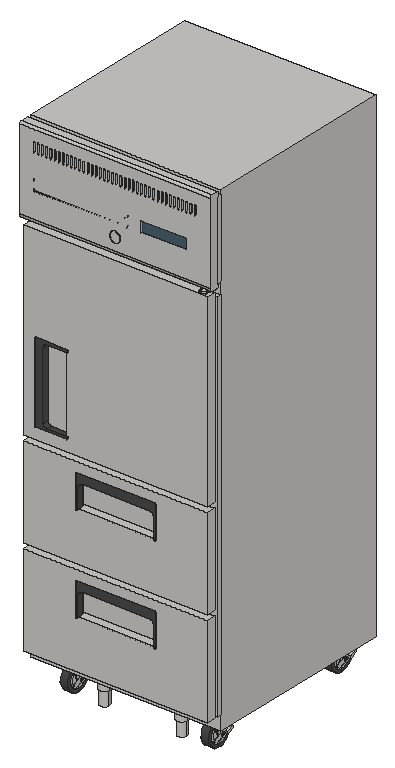
Revit family "QF_EVEREST_ESR1D2", category Specialty Equipment, Revit 2015
Parameters (values of type "ESR1D2")
  Weight in Pounds = 340
  Watts = if(Phase = 3, Volts * FL Amps * 1.73, Volts * FL Amps)  # 425.5 W
  Volts = 115 V
  URL Cutsheet = ""
  Specification by User = ""
  Specification by Manufacturer = ""
  Show Clearance [instance] = yes
  Serial Number = ""
  Seismic Rating = ""
  SMACNA No = ""
  Revision Code = ""
  Refrigerant Volume = 0.00 kip
  Refrigerant Type = "R290"
  Phase = 1
  Number of Poles = 1
  NAFEM Spec ID Number = ""
  Model = "ESR1D2"
  Min Ckt Ampacity = 0 A
  Max Overcurrent Protection = 0 A
  Masterspec = ""
  Manufacturer = "EVEREST"
  Length = 740 mm
  Item Number = ""
  Installed By = ""
  Identify Quantity as Lot = yes
  Height = 2010 mm
  HP = "1/4+"
  Furnished By = ""
  Foodservice Equipment Identifier = yes
  FL Amps = 3.7 A
  Electrical Remarks = ""
  Electric Connection Type = ""
  Elec Conn RI Height = 0 mm
  Elec Conn Connection Height = 0 mm
  Description = "DOOR & DRAWER COMBO UPRIGHT REACH–IN REFRIGERATOR"
  Depth = 803 mm
  Cycle = 60 Hz
  Conn Plug = "NEMA 5-15P"
  Conn Conduit = yes
  CSI MasterFormat = ""
  BTUH = 1926.0 Btu/h
  Apparent Power = 0 VA
Reference planes
  plane 1 "BACK": y = 0
  plane 2: z = 0
  plane 3 "LEFT": x = 0
  plane 4 "RIGHT": x = 740
  plane 5 "FRONT": y = -803
  plane 6 "TOP": z = 2010
  plane 7 "Center Y": x = 370
  plane 8 "Center X": y = -401.5
  plane 9: y = -1491
  plane 10: z = 125
  plane 11: y = -750
Forms (mm)
  Extrusion 1, solid, material "QF_Metal - Stainless - Polished"
    sketch origin (0, 0, 0) x (0, 1, 0) y (0, 0, 1)
      loop
        line (0, 2010) -> (-750, 2010) -> (-750, 125) -> (0, 125) -> (0, 2010)
    from 0 to 740
  Extrusion 2, solid, material "QF_Metal - Stainless - Polished"
    sketch origin (0, 0, 0) x (0, 1, 0) y (0, 0, 1)
      loop
        line (-765, 2010) -> (-794.973, 2010)
        arc (-794.973, 2010) -> (-800.649, 2007.649) -> (-803, 2001.973) r 8.027
        line (-803, 2001.973) -> (-803, 1687.87)
        arc (-803, 1687.87) -> (-799.172, 1678.628) -> (-789.93, 1674.8) r 13.07
        line (-789.93, 1674.8) -> (-765, 1674.8) -> (-765, 2010)
    from 0 to 740
  Extrusion 3, solid, material "QF_Metal - Stainless - Polished"
    sketch origin (0, 0, 0) x (0, 1, 0) y (0, 0, 1)
      loop
        line (-765, 1688.8) -> (-758.141, 1688.8)
        arc (-758.141, 1688.8) -> (-757.087, 1689.01) -> (-756.193, 1689.607) r 2.754
        line (-756.193, 1689.607) -> (-750.858, 1694.942)
        arc (-750.858, 1694.942) -> (-750.223, 1695.892) -> (-750, 1697.014) r 2.93
        line (-750, 1697.014) -> (-750, 1990.992)
        arc (-750, 1990.992) -> (-750.222, 1992.108) -> (-750.854, 1993.054) r 2.916
        line (-750.854, 1993.054) -> (-755.935, 1998.135)
        arc (-755.935, 1998.135) -> (-757.115, 1998.923) -> (-758.506, 1999.2) r 3.637
        line (-758.506, 1999.2) -> (-765, 1999.2) -> (-765, 1688.8)
    from 0 to 740
  Extrusion 4, solid, material "QF_Metal - Stainless - Polished"
    sketch origin (0, 0, 0) x (1, 0, 0) y (0, 0, 1)
      loop
        line (13, 172.5) -> (727, 172.5) -> (727, 527.5) -> (13, 527.5) -> (13, 172.5)
      loop
        line (13, 1654) -> (13, 924) -> (727, 924) -> (727, 1654) -> (13, 1654)
      loop
        arc (60.313, 1279) -> (56.778, 1277.536) -> (55.313, 1274) r 5
        line (55.313, 1274) -> (55.313, 971)
        arc (55.313, 971) -> (56.778, 967.464) -> (60.313, 966) r 5
        line (60.313, 966) -> (179.313, 966)
        arc (179.313, 966) -> (182.849, 967.464) -> (184.313, 971) r 5
        line (184.313, 971) -> (184.313, 976) -> (179.313, 976) -> (179.313, 1269) -> (184.313, 1269) -> (184.313, 1274)
        arc (184.313, 1274) -> (182.849, 1277.536) -> (179.313, 1279) r 5
        line (179.313, 1279) -> (60.313, 1279)
      loop
        line (13, 903.25) -> (13, 548.25) -> (727, 548.25) -> (727, 903.25) -> (13, 903.25)
      loop
        arc (526.5, 858.25) -> (525.036, 861.786) -> (521.5, 863.25) r 5
        line (521.5, 863.25) -> (218.5, 863.25)
        arc (218.5, 863.25) -> (214.964, 861.786) -> (213.5, 858.25) r 5
        line (213.5, 858.25) -> (213.5, 739.25)
        arc (213.5, 739.25) -> (214.964, 735.714) -> (218.5, 734.25) r 5
        line (218.5, 734.25) -> (223.5, 734.25) -> (223.5, 739.25) -> (516.5, 739.25) -> (516.5, 734.25) -> (521.5, 734.25)
        arc (521.5, 734.25) -> (525.036, 735.714) -> (526.5, 739.25) r 5
        line (526.5, 739.25) -> (526.5, 858.25)
      loop
        arc (526.5, 482.5) -> (525.036, 486.036) -> (521.5, 487.5) r 5
        line (521.5, 487.5) -> (218.5, 487.5)
        arc (218.5, 487.5) -> (214.964, 486.036) -> (213.5, 482.5) r 5
        line (213.5, 482.5) -> (213.5, 363.5)
        arc (213.5, 363.5) -> (214.964, 359.964) -> (218.5, 358.5) r 5
        line (218.5, 358.5) -> (223.5, 358.5) -> (223.5, 363.5) -> (516.5, 363.5) -> (516.5, 358.5) -> (521.5, 358.5)
        arc (521.5, 358.5) -> (525.036, 359.964) -> (526.5, 363.5) r 5
        line (526.5, 363.5) -> (526.5, 482.5)
    from 765 to 800
  Extrusion 5, solid, material "QF_Metal - Stainless - Polished"
    sketch origin (0, 0, 0) x (0, 1, 0) y (0, 0, 1)
      loop
        line (-750, 1644) -> (-765, 1644) -> (-765, 182.5) -> (-750, 182.5) -> (-750, 1644)
    from 0 to 740
  Extrusion 6, solid, material "QF_Plastic - Black - Smooth"
    sketch origin (0, 0, 0) x (1, 0, 0) y (0, 0, 1)
      loop
        arc (60.313, 1279) -> (56.778, 1277.536) -> (55.313, 1274) r 5
        line (55.313, 1274) -> (55.313, 971)
        arc (55.313, 971) -> (56.778, 967.464) -> (60.313, 966) r 5
        line (60.313, 966) -> (179.313, 966)
        arc (179.313, 966) -> (182.849, 967.464) -> (184.313, 971) r 5
        line (184.313, 971) -> (184.313, 976) -> (103.313, 976)
        arc (103.313, 976) -> (92.707, 980.393) -> (88.313, 991) r 15
        line (88.313, 991) -> (88.313, 1254)
        arc (88.313, 1254) -> (92.707, 1264.607) -> (103.313, 1269) r 15
        line (103.313, 1269) -> (184.313, 1269) -> (184.313, 1274)
        arc (184.313, 1274) -> (182.849, 1277.536) -> (179.313, 1279) r 5
        line (179.313, 1279) -> (60.313, 1279)
      loop
        arc (526.5, 858.25) -> (525.036, 861.786) -> (521.5, 863.25) r 5
        line (521.5, 863.25) -> (218.5, 863.25)
        arc (218.5, 863.25) -> (214.964, 861.786) -> (213.5, 858.25) r 5
        line (213.5, 858.25) -> (213.5, 739.25)
        arc (213.5, 739.25) -> (214.964, 735.714) -> (218.5, 734.25) r 5
        line (218.5, 734.25) -> (223.5, 734.25) -> (223.5, 815.25)
        arc (223.5, 815.25) -> (227.893, 825.857) -> (238.5, 830.25) r 15
        line (238.5, 830.25) -> (501.5, 830.25)
        arc (501.5, 830.25) -> (512.107, 825.857) -> (516.5, 815.25) r 15
        line (516.5, 815.25) -> (516.5, 734.25) -> (521.5, 734.25)
        arc (521.5, 734.25) -> (525.036, 735.714) -> (526.5, 739.25) r 5
        line (526.5, 739.25) -> (526.5, 858.25)
      loop
        arc (526.5, 482.5) -> (525.036, 486.036) -> (521.5, 487.5) r 5
        line (521.5, 487.5) -> (218.5, 487.5)
        arc (218.5, 487.5) -> (214.964, 486.036) -> (213.5, 482.5) r 5
        line (213.5, 482.5) -> (213.5, 363.5)
        arc (213.5, 363.5) -> (214.964, 359.964) -> (218.5, 358.5) r 5
        line (218.5, 358.5) -> (223.5, 358.5) -> (223.5, 439.5)
        arc (223.5, 439.5) -> (227.893, 450.107) -> (238.5, 454.5) r 15
        line (238.5, 454.5) -> (501.5, 454.5)
        arc (501.5, 454.5) -> (512.107, 450.107) -> (516.5, 439.5) r 15
        line (516.5, 439.5) -> (516.5, 358.5) -> (521.5, 358.5)
        arc (521.5, 358.5) -> (525.036, 359.964) -> (526.5, 363.5) r 5
        line (526.5, 363.5) -> (526.5, 482.5)
    from 780 to 800
  Extrusion 7, void
    sketch origin (0, -803, 2030) x (0, 0, -1) y (1, 0, 0)
      loop
        line (105, 61.992) -> (73, 61.992)
        arc (73, 61.992) -> (69, 57.992) -> (73, 53.992) r 4
        line (73, 53.992) -> (105, 53.992)
        arc (105, 53.992) -> (109, 57.992) -> (105, 61.992) r 4
      loop
        line (73, 69.992) -> (105, 69.992)
        arc (105, 69.992) -> (109, 73.992) -> (105, 77.992) r 4
        line (105, 77.992) -> (73, 77.992)
        arc (73, 77.992) -> (69, 73.992) -> (73, 69.992) r 4
      loop
        line (73, 85.992) -> (105, 85.992)
        arc (105, 85.992) -> (109, 89.992) -> (105, 93.992) r 4
        line (105, 93.992) -> (73, 93.992)
        arc (73, 93.992) -> (69, 89.992) -> (73, 85.992) r 4
      loop
        line (73, 101.992) -> (105, 101.992)
        arc (105, 101.992) -> (109, 105.992) -> (105, 109.992) r 4
        line (105, 109.992) -> (73, 109.992)
        arc (73, 109.992) -> (69, 105.992) -> (73, 101.992) r 4
      loop
        line (73, 117.992) -> (105, 117.992)
        arc (105, 117.992) -> (109, 121.992) -> (105, 125.992) r 4
        line (105, 125.992) -> (73, 125.992)
        arc (73, 125.992) -> (69, 121.992) -> (73, 117.992) r 4
      loop
        line (73, 133.992) -> (105, 133.992)
        arc (105, 133.992) -> (109, 137.992) -> (105, 141.992) r 4
        line (105, 141.992) -> (73, 141.992)
        arc (73, 141.992) -> (69, 137.992) -> (73, 133.992) r 4
      loop
        line (73, 149.992) -> (105, 149.992)
        arc (105, 149.992) -> (109, 153.992) -> (105, 157.992) r 4
        line (105, 157.992) -> (73, 157.992)
        arc (73, 157.992) -> (69, 153.992) -> (73, 149.992) r 4
      loop
        line (73, 165.992) -> (105, 165.992)
        arc (105, 165.992) -> (109, 169.992) -> (105, 173.992) r 4
        line (105, 173.992) -> (73, 173.992)
        arc (73, 173.992) -> (69, 169.992) -> (73, 165.992) r 4
      loop
        line (73, 181.992) -> (105, 181.992)
        arc (105, 181.992) -> (109, 185.992) -> (105, 189.992) r 4
        line (105, 189.992) -> (73, 189.992)
        arc (73, 189.992) -> (69, 185.992) -> (73, 181.992) r 4
      loop
        line (73, 197.992) -> (105, 197.992)
        arc (105, 197.992) -> (109, 201.992) -> (105, 205.992) r 4
        line (105, 205.992) -> (73, 205.992)
        arc (73, 205.992) -> (69, 201.992) -> (73, 197.992) r 4
      loop
        line (73, 213.992) -> (105, 213.992)
        arc (105, 213.992) -> (109, 217.992) -> (105, 221.992) r 4
        line (105, 221.992) -> (73, 221.992)
        arc (73, 221.992) -> (69, 217.992) -> (73, 213.992) r 4
      loop
        line (73, 229.992) -> (105, 229.992)
        arc (105, 229.992) -> (109, 233.992) -> (105, 237.992) r 4
        line (105, 237.992) -> (73, 237.992)
        arc (73, 237.992) -> (69, 233.992) -> (73, 229.992) r 4
      loop
        line (73, 245.992) -> (105, 245.992)
        arc (105, 245.992) -> (109, 249.992) -> (105, 253.992) r 4
        line (105, 253.992) -> (73, 253.992)
        arc (73, 253.992) -> (69, 249.992) -> (73, 245.992) r 4
      loop
        line (73, 261.992) -> (105, 261.992)
        arc (105, 261.992) -> (109, 265.992) -> (105, 269.992) r 4
        line (105, 269.992) -> (73, 269.992)
        arc (73, 269.992) -> (69, 265.992) -> (73, 261.992) r 4
      loop
        line (73, 277.992) -> (105, 277.992)
        arc (105, 277.992) -> (109, 281.992) -> (105, 285.992) r 4
        line (105, 285.992) -> (73, 285.992)
        arc (73, 285.992) -> (69, 281.992) -> (73, 277.992) r 4
      loop
        line (73, 293.992) -> (105, 293.992)
        arc (105, 293.992) -> (109, 297.992) -> (105, 301.992) r 4
        line (105, 301.992) -> (73, 301.992)
        arc (73, 301.992) -> (69, 297.992) -> (73, 293.992) r 4
      loop
        line (73, 309.992) -> (105, 309.992)
        arc (105, 309.992) -> (109, 313.992) -> (105, 317.992) r 4
        line (105, 317.992) -> (73, 317.992)
        arc (73, 317.992) -> (69, 313.992) -> (73, 309.992) r 4
      loop
        line (73, 325.992) -> (105, 325.992)
        arc (105, 325.992) -> (109, 329.992) -> (105, 333.992) r 4
        line (105, 333.992) -> (73, 333.992)
        arc (73, 333.992) -> (69, 329.992) -> (73, 325.992) r 4
      loop
        line (73, 341.992) -> (105, 341.992)
        arc (105, 341.992) -> (109, 345.992) -> (105, 349.992) r 4
        line (105, 349.992) -> (73, 349.992)
        arc (73, 349.992) -> (69, 345.992) -> (73, 341.992) r 4
      loop
        line (73, 357.992) -> (105, 357.992)
        arc (105, 357.992) -> (109, 361.992) -> (105, 365.992) r 4
        line (105, 365.992) -> (73, 365.992)
        arc (73, 365.992) -> (69, 361.992) -> (73, 357.992) r 4
      loop
        arc (105, 678.008) -> (109, 682.008) -> (105, 686.008) r 4
        line (105, 686.008) -> (73, 686.008)
        arc (73, 686.008) -> (69, 682.008) -> (73, 678.008) r 4
        line (73, 678.008) -> (105, 678.008)
      loop
        arc (73, 670.008) -> (69, 666.008) -> (73, 662.008) r 4
        line (73, 662.008) -> (105, 662.008)
        arc (105, 662.008) -> (109, 666.008) -> (105, 670.008) r 4
        line (105, 670.008) -> (73, 670.008)
      loop
        arc (73, 654.008) -> (69, 650.008) -> (73, 646.008) r 4
        line (73, 646.008) -> (105, 646.008)
        arc (105, 646.008) -> (109, 650.008) -> (105, 654.008) r 4
        line (105, 654.008) -> (73, 654.008)
      loop
        arc (73, 638.008) -> (69, 634.008) -> (73, 630.008) r 4
        line (73, 630.008) -> (105, 630.008)
        arc (105, 630.008) -> (109, 634.008) -> (105, 638.008) r 4
        line (105, 638.008) -> (73, 638.008)
      loop
        arc (73, 622.008) -> (69, 618.008) -> (73, 614.008) r 4
        line (73, 614.008) -> (105, 614.008)
        arc (105, 614.008) -> (109, 618.008) -> (105, 622.008) r 4
        line (105, 622.008) -> (73, 622.008)
      loop
        arc (73, 606.008) -> (69, 602.008) -> (73, 598.008) r 4
        line (73, 598.008) -> (105, 598.008)
        arc (105, 598.008) -> (109, 602.008) -> (105, 606.008) r 4
        line (105, 606.008) -> (73, 606.008)
      loop
        arc (73, 590.008) -> (69, 586.008) -> (73, 582.008) r 4
        line (73, 582.008) -> (105, 582.008)
        arc (105, 582.008) -> (109, 586.008) -> (105, 590.008) r 4
        line (105, 590.008) -> (73, 590.008)
      loop
        arc (73, 574.008) -> (69, 570.008) -> (73, 566.008) r 4
        line (73, 566.008) -> (105, 566.008)
        arc (105, 566.008) -> (109, 570.008) -> (105, 574.008) r 4
        line (105, 574.008) -> (73, 574.008)
      loop
        arc (73, 558.008) -> (69, 554.008) -> (73, 550.008) r 4
        line (73, 550.008) -> (105, 550.008)
        arc (105, 550.008) -> (109, 554.008) -> (105, 558.008) r 4
        line (105, 558.008) -> (73, 558.008)
      loop
        arc (73, 542.008) -> (69, 538.008) -> (73, 534.008) r 4
        line (73, 534.008) -> (105, 534.008)
        arc (105, 534.008) -> (109, 538.008) -> (105, 542.008) r 4
        line (105, 542.008) -> (73, 542.008)
      loop
        arc (73, 526.008) -> (69, 522.008) -> (73, 518.008) r 4
        line (73, 518.008) -> (105, 518.008)
        arc (105, 518.008) -> (109, 522.008) -> (105, 526.008) r 4
        line (105, 526.008) -> (73, 526.008)
      loop
        arc (73, 510.008) -> (69, 506.008) -> (73, 502.008) r 4
        line (73, 502.008) -> (105, 502.008)
        arc (105, 502.008) -> (109, 506.008) -> (105, 510.008) r 4
        line (105, 510.008) -> (73, 510.008)
      loop
        arc (73, 494.008) -> (69, 490.008) -> (73, 486.008) r 4
        line (73, 486.008) -> (105, 486.008)
        arc (105, 486.008) -> (109, 490.008) -> (105, 494.008) r 4
        line (105, 494.008) -> (73, 494.008)
      loop
        arc (73, 478.008) -> (69, 474.008) -> (73, 470.008) r 4
        line (73, 470.008) -> (105, 470.008)
        arc (105, 470.008) -> (109, 474.008) -> (105, 478.008) r 4
        line (105, 478.008) -> (73, 478.008)
      loop
        arc (73, 462.008) -> (69, 458.008) -> (73, 454.008) r 4
        line (73, 454.008) -> (105, 454.008)
        arc (105, 454.008) -> (109, 458.008) -> (105, 462.008) r 4
        line (105, 462.008) -> (73, 462.008)
      loop
        arc (73, 446.008) -> (69, 442.008) -> (73, 438.008) r 4
        line (73, 438.008) -> (105, 438.008)
        arc (105, 438.008) -> (109, 442.008) -> (105, 446.008) r 4
        line (105, 446.008) -> (73, 446.008)
      loop
        arc (73, 430.008) -> (69, 426.008) -> (73, 422.008) r 4
        line (73, 422.008) -> (105, 422.008)
        arc (105, 422.008) -> (109, 426.008) -> (105, 430.008) r 4
        line (105, 430.008) -> (73, 430.008)
      loop
        arc (73, 414.008) -> (69, 410.008) -> (73, 406.008) r 4
        line (73, 406.008) -> (105, 406.008)
        arc (105, 406.008) -> (109, 410.008) -> (105, 414.008) r 4
        line (105, 414.008) -> (73, 414.008)
      loop
        arc (73, 398.008) -> (69, 394.008) -> (73, 390.008) r 4
        line (73, 390.008) -> (105, 390.008)
        arc (105, 390.008) -> (109, 394.008) -> (105, 398.008) r 4
        line (105, 398.008) -> (73, 398.008)
      loop
        arc (73, 382.008) -> (69, 378.008) -> (73, 374.008) r 4
        line (73, 374.008) -> (105, 374.008)
        arc (105, 374.008) -> (109, 378.008) -> (105, 382.008) r 4
        line (105, 382.008) -> (73, 382.008)
      loop
        line (200.062, 53.992) -> (204.496, 53.992)
        arc (204.496, 53.992) -> (208.032, 55.456) -> (209.496, 58.992) r 5
        line (209.496, 58.992) -> (209.496, 413.992)
        arc (209.496, 413.992) -> (208.032, 417.528) -> (204.496, 418.992) r 5
        line (204.496, 418.992) -> (200.062, 418.992)
        arc (200.062, 418.992) -> (203.599, 417.523) -> (205.063, 413.988) r 5
        line (205.063, 413.988) -> (205.063, 58.996)
        arc (205.063, 58.996) -> (203.598, 55.46) -> (200.062, 53.992) r 5
      loop
        line (233.068, 53.992) -> (237.502, 53.992)
        arc (237.502, 53.992) -> (241.038, 55.456) -> (242.502, 58.992) r 5
        line (242.502, 58.992) -> (242.502, 413.992)
        arc (242.502, 413.992) -> (241.038, 417.528) -> (237.502, 418.992) r 5
        line (237.502, 418.992) -> (233.068, 418.992)
        arc (233.068, 418.992) -> (236.604, 417.523) -> (238.068, 413.988) r 5
        line (238.068, 413.988) -> (238.068, 58.996)
        arc (238.068, 58.996) -> (236.604, 55.46) -> (233.068, 53.992) r 5
      loop
        arc (238.504, 469.75) -> (239.916, 470.335) -> (240.501, 471.747) r 1.997
        line (240.501, 471.747) -> (240.501, 647.256)
        arc (240.501, 647.256) -> (239.917, 648.666) -> (238.507, 649.25) r 1.994
        line (238.507, 649.25) -> (200.5, 649.25)
        arc (200.5, 649.25) -> (199.086, 648.665) -> (198.501, 647.25) r 1.997
        line (198.501, 647.25) -> (198.501, 471.75)
        arc (198.501, 471.75) -> (199.086, 470.335) -> (200.5, 469.75) r 1.997
        line (200.5, 469.75) -> (238.504, 469.75)
    from 0 to -3
  Extrusion 8, solid, material "QF_Metal - Stainless - Polished"
    sketch origin (2.005, 0, 172.5) x (0, -1, 0) y (-1, 0, 0)
      loop
        circle (784, -697) r 10
    from 0 to 5
  Extrusion 9, solid, material "QF_Metal - Stainless - Polished"
    sketch origin (2.005, 0, 172.5) x (0, -1, 0) y (-1, 0, 0)
      loop
        arc (789.13, -711.095) -> (798.772, -694.395) -> (784, -682) r 15
        line (784, -682) -> (750, -676.005) -> (750, -717.995) -> (789.13, -711.095)
      loop
        circle (784, -697) r 10
    from 0 to 2.5
  Extrusion 10, solid, material "QF_Metal - Stainless - Polished"
    sketch origin (-10.995, 0, 1654) x (1, 0, 0) y (0, 1, 0)
      loop
        circle (710, -784) r 10
    from 0 to 5
  Extrusion 11, solid, material "QF_Metal - Stainless - Polished"
    sketch origin (-10.995, 0, 1654) x (1, 0, 0) y (0, 1, 0)
      loop
        line (724.095, -789.13) -> (730.995, -750) -> (689.005, -750) -> (695, -784)
        arc (695, -784) -> (707.395, -798.772) -> (724.095, -789.13) r 15
      loop
        circle (710, -784) r 10
    from 0 to 2.5
  Revolve 12, solid, material "QF_Metal - Stainless - Polished"
    sketch origin (0, -665, 0) x (1, 0, 0) y (0, 0, 1)
      loop
        line (218.953, 0) -> (218.953, 125) -> (183.953, 125) -> (183.953, 115) -> (188.953, 115) -> (188.953, 104.5) -> (197.953, 90.5) -> (197.953, 55.5) -> (201.703, 55.5) -> (201.703, 0) -> (218.953, 0)
      axis (218.953, 0) -> (218.953, 125)
    angle from 0 to 360
  Revolve 13, solid, material "QF_Metal - Stainless - Polished"
    sketch origin (301.095, -665, 0) x (1, 0, 0) y (0, 0, 1)
      loop
        line (218.953, 0) -> (218.953, 125) -> (183.953, 125) -> (183.953, 115) -> (188.953, 115) -> (188.953, 104.5) -> (197.953, 90.5) -> (197.953, 55.5) -> (201.703, 55.5) -> (201.703, 0) -> (218.953, 0)
      axis (218.953, 0) -> (218.953, 125)
    angle from 0 to 360
  Extrusion 14, solid, material "QF_Door-Drawer Clearances", visible <- "Show Clearance", detail levels coarse
    sketch origin (0, 0, 0) x (1, 0, 0) y (0, 1, 0)
      loop
        line (727, -800) -> (13, -800)
        arc (13, -800) -> (226.368, -1293.913) -> (727, -1491) r 700.792
        line (727, -1491) -> (727, -800)
    from 924 to 1654
  Extrusion 15, solid, material "QF_Metal - Stainless - Polished"
    sketch origin (0, 0, 1980) x (0, 0, 1) y (1, 0, 0)
      loop
        circle (-241.795, 370) r 6.35
    from 0 to 6.4
  Extrusion 16, void
    sketch origin (0, -803, 2030) x (0, 0, -1) y (1, 0, 0)
      loop
        circle (291.795, 370) r 20
    from 0 to -5
  Extrusion 17, solid, material "Glass"
    sketch origin (0, -798, 2030) x (0, 0, -1) y (1, 0, 0)
      loop
        line (200.5, 469.75) -> (238.504, 469.75)
        arc (238.504, 469.75) -> (239.916, 470.335) -> (240.501, 471.747) r 1.997
        line (240.501, 471.747) -> (240.501, 647.256)
        arc (240.501, 647.256) -> (239.917, 648.666) -> (238.507, 649.25) r 1.994
        line (238.507, 649.25) -> (200.5, 649.25)
        arc (200.5, 649.25) -> (199.086, 648.665) -> (198.501, 647.25) r 1.997
        line (198.501, 647.25) -> (198.501, 471.75)
        arc (198.501, 471.75) -> (199.086, 470.335) -> (200.5, 469.75) r 1.997
    from 0 to 5
  Extrusion 18, solid, material "QF_Metal - Stainless - Polished"
    sketch origin (0, -800, 2030) x (0, 0, -1) y (1, 0, 0)
      loop
        circle (291.795, 370) r 20
    from 0 to 3
  Extrusion 19, solid, material "QF_Door-Drawer Clearances", visible <- "Show Clearance", detail levels coarse
    sketch origin (0, -800, 0) x (1, 0, 0) y (0, 0, 1)
      loop
        line (727, 548.25) -> (727, 903.25) -> (13, 903.25) -> (13, 548.25) -> (727, 548.25)
      loop
        line (727, 172.5) -> (727, 527.5) -> (13, 527.5) -> (13, 172.5) -> (727, 172.5)
    from 0 to 710
Cuts and joins
  Extrusion 7, Extrusion 16 cuts Extrusion 2
Lines and regions (mm)
  symbolic lines
    curve 1: line (0, 0, 0) -> (740, 0, 0)
    curve 2: line (0, -803, 0) -> (0, 0, 0)
    curve 3: line (740, -803, 0) -> (0, -803, 0)
    curve 4: line (740, 0, 0) -> (740, -803, 0)
    curve 5: line (0, -765, 0) -> (740, -765, 0)
    curve 6: line (0, -750, 0) -> (740, -750, 0)
  symbolic lines, style "QF_Door-Drawer Clearances"
    curve 7: arc (13, -800, 0) -> (40.11, -983.601, 0) -> (114.465, -1153.647, 0) r 700.792
    curve 8: line (114.465, -1153.647, 0) -> (727, -800, 0)
    curve 9: line (727, -1491, 0) -> (727, -800, 0)
    curve 10: line (13, -1510, 0) -> (727, -1510, 0)
    curve 11: line (13, -800, 0) -> (13, -1510, 0)
Dimensions and locks
  equal spacing: plane 3 "LEFT", plane 7 "Center Y", plane 4 "RIGHT"
  "Length": plane 3 "LEFT" to plane 4 "RIGHT"
  equal spacing: plane 5 "FRONT", plane 8 "Center X", plane 1 "BACK"
  "Depth": plane 5 "FRONT" to plane 1 "BACK"
  "Height": plane 6 "TOP" to level
  plane 9 to plane 1 "BACK" = 1491 mm
  plane 6 "TOP" to plane 2 = 2010 mm
  plane 10 to plane 2 = 125 mm
  plane 6 "TOP" to plane 10 = 1885 mm
  plane 5 "FRONT" to plane 1 "BACK" = 803 mm
  plane 11 to plane 1 "BACK" = 750 mm
  Extrusion 4 sketch curve to Extrusion 4 sketch curve = 714 mm
  aligned and locked: plane 2 to level
Automatic sketch dimensions
  Extrusion 1 sketch curve to plane 6 "TOP" = 0 mm
  Extrusion 1 sketch curve to plane 11 = 0 mm
  Extrusion 1 sketch curve to plane 1 "BACK" = 0 mm
  Extrusion 1 sketch curve to plane 10 = 0 mm
  Extrusion 2 sketch curve to plane 5 "FRONT" = 0 mm
  Extrusion 2 sketch curve to plane 6 "TOP" = 0 mm
  Extrusion 2 sketch curve to Extrusion 2 sketch curve = 8.027 mm
  Extrusion 2 sketch curve to Extrusion 2 sketch curve = 13.07 mm
  Extrusion 2 sketch curve to plane 11 = 15 mm
  Extrusion 2 sketch curve to Extrusion 2 sketch curve = 314.103 mm
  Extrusion 3 sketch curve to plane 11 = 0 mm
  Extrusion 3 sketch curve to plane 11 = 0.854 mm
  Extrusion 3 sketch curve to plane 11 = 0.858 mm
  Extrusion 3 sketch curve to plane 11 = 2.916 mm
  Extrusion 3 sketch curve to plane 11 = 2.93 mm
  Extrusion 3 sketch curve to plane 11 = 5.935 mm
  Extrusion 3 sketch curve to plane 11 = 6.193 mm
  Extrusion 3 sketch curve to Extrusion 3 sketch curve = 1.947 mm
  Extrusion 3 sketch curve to Extrusion 3 sketch curve = 2.572 mm  (x2)
  Extrusion 3 sketch curve to Extrusion 3 sketch curve = 6.859 mm
  Extrusion 3 sketch curve to plane 6 "TOP" = 321.2 mm
  Extrusion 3 sketch curve to Extrusion 3 sketch curve = 0.807 mm
  Extrusion 3 sketch curve to Extrusion 3 sketch curve = 5.335 mm
  Extrusion 3 sketch curve to plane 6 "TOP" = 19.008 mm
  Extrusion 3 sketch curve to Extrusion 3 sketch curve = 4.571 mm
  Extrusion 5 sketch curve to plane 11 = 0 mm
  Extrusion 5 sketch curve to plane 11 = 15 mm
  plane 10 to Extrusion 5 sketch curve = 57.5 mm
  Extrusion 5 sketch curve to plane 6 "TOP" = 366 mm
  Extrusion 8 sketch curve to Extrusion 4 = 16 mm
  Extrusion 8 sketch curve to Extrusion 4 = 27.995 mm
  Extrusion 9 sketch curve to Extrusion 9 sketch curve = 0 mm  (x2)
  Extrusion 9 sketch curve to Extrusion 4 = 7 mm
  Extrusion 4 to Extrusion 9 sketch curve = 15 mm
  Extrusion 9 sketch curve to Extrusion 4 = 16 mm
  Extrusion 9 sketch curve to Extrusion 4 = 10.87 mm
  Extrusion 9 sketch curve to Extrusion 4 = 13.9 mm
  Extrusion 9 sketch curve to Extrusion 9 sketch curve = 14.095 mm
  Extrusion 9 sketch curve to Extrusion 9 sketch curve = 5.995 mm
  Extrusion 10 sketch curve to plane 5 "FRONT" = 19 mm
  plane 4 "RIGHT" to Extrusion 10 sketch curve = 40.995 mm
  Extrusion 11 sketch curve to Extrusion 11 sketch curve = 0 mm  (x2)
  Extrusion 11 sketch curve to plane 11 = 0 mm
  plane 4 "RIGHT" to Extrusion 11 sketch curve = 61.99 mm
  Extrusion 11 sketch curve to plane 5 "FRONT" = 19 mm
  Extrusion 11 sketch curve to Extrusion 11 sketch curve = 5.995 mm
  Extrusion 11 sketch curve to Extrusion 11 sketch curve = 15 mm
  Extrusion 11 sketch curve to plane 5 "FRONT" = 13.87 mm
  plane 4 "RIGHT" to Extrusion 11 sketch curve = 20 mm
  Revolve 12 sketch curve to plane 10 = 0 mm  (x2)
  Revolve 12 sketch curve to level = 0 mm
  plane 3 "LEFT" to Revolve 12 sketch curve = 183.953 mm
  Revolve 12 sketch curve to Revolve 12 sketch curve = 5 mm
  Revolve 12 sketch curve to Revolve 12 sketch curve = 9 mm
  Revolve 12 sketch curve to Revolve 12 sketch curve = 3.75 mm
  Revolve 12 sketch curve to Revolve 12 sketch curve = 30 mm
  level to Revolve 12 sketch curve = 55.5 mm
  Revolve 12 sketch curve to plane 10 = 34.5 mm
  Revolve 12 sketch curve to Revolve 12 sketch curve = 14 mm
  Revolve 12 sketch curve to plane 10 = 10 mm
  Revolve 12 sketch curve to Revolve 12 sketch curve = 0 mm
  Revolve 12 sketch curve to Revolve 12 sketch curve = 20 mm
  Revolve 13 sketch curve to plane 10 = 0 mm  (x2)
  Revolve 13 sketch curve to level = 0 mm
  plane 7 "Center Y" to Revolve 13 sketch curve = 115.047 mm
  Revolve 13 sketch curve to Revolve 13 sketch curve = 5 mm
  Revolve 13 sketch curve to Revolve 13 sketch curve = 9 mm
  Revolve 13 sketch curve to Revolve 13 sketch curve = 3.75 mm
  Revolve 13 sketch curve to Revolve 13 sketch curve = 30 mm
  level to Revolve 13 sketch curve = 55.5 mm
  Revolve 13 sketch curve to plane 10 = 34.5 mm
  Revolve 13 sketch curve to Revolve 13 sketch curve = 14 mm
  Revolve 13 sketch curve to plane 10 = 10 mm
  Revolve 13 sketch curve to Revolve 13 sketch curve = 0 mm
  Revolve 13 sketch curve to Revolve 13 sketch curve = 20 mm
  Extrusion 14 sketch curve to plane 9 = 0 mm
  Extrusion 14 sketch curve to plane 5 "FRONT" = 3 mm
  plane 3 "LEFT" to Extrusion 14 sketch curve = 13 mm
  Extrusion 14 sketch curve to plane 5 "FRONT" = 12.667 mm
  Extrusion 14 sketch curve to Extrusion 14 sketch curve = 700.726 mm
  plane 1 "BACK" to curve 1 = 0 mm
  curve 1 to plane 3 "LEFT" = 0 mm
  curve 4 to plane 4 "RIGHT" = 0 mm
  plane 5 "FRONT" to curve 3 = 0 mm
  curve 6 to plane 11 = 0 mm
  curve 7 to plane 5 "FRONT" = 12.667 mm
  plane 4 "RIGHT" to curve 7 = 26.274 mm
  curve 7 to plane 5 "FRONT" = 3 mm
  plane 3 "LEFT" to curve 7 = 13 mm
  plane 3 "LEFT" to curve 8 = 114.465 mm
  curve 5 to plane 11 = 15 mm
  curve 8 to plane 5 "FRONT" = 3 mm
  plane 4 "RIGHT" to curve 8 = 13 mm
  Extrusion 15 sketch curve to Extrusion 1 = 271.795 mm
  Extrusion 1 to Extrusion 15 sketch curve = 370 mm
  plane 4 "RIGHT" to Extrusion 16 sketch curve = 370 mm
  Extrusion 16 sketch curve to plane 6 "TOP" = 271.795 mm
  Extrusion 2 to Extrusion 7 sketch curve = 44.973 mm  (x3)
  Extrusion 7 sketch curve to Extrusion 7 sketch curve = 0 mm  (x78)
  Extrusion 7 sketch curve to Extrusion 7 sketch curve = 32 mm  (x3)
  Extrusion 7 sketch curve to Extrusion 7 sketch curve = 93.501 mm
  Extrusion 7 sketch curve to Extrusion 7 sketch curve = 95.063 mm
  Extrusion 7 sketch curve to Extrusion 7 sketch curve = 1.563 mm
  Extrusion 7 sketch curve to Extrusion 7 sketch curve = 1.997 mm  (x4)
  Extrusion 7 sketch curve to Extrusion 7 sketch curve = 0.003 mm  (x3)
  Extrusion 7 sketch curve to Extrusion 7 sketch curve = 4.434 mm  (x4)
  Extrusion 7 sketch curve to Extrusion 7 sketch curve = 4.433 mm  (x2)
  Extrusion 7 sketch curve to Extrusion 7 sketch curve = 0.567 mm
  Extrusion 7 sketch curve to Extrusion 7 sketch curve = 23.572 mm  (x2)
  Extrusion 7 sketch curve to Extrusion 7 sketch curve = 0.566 mm
  Extrusion 7 sketch curve to Extrusion 7 sketch curve = 38.003 mm
  Extrusion 7 sketch curve to Extrusion 7 sketch curve = 38.009 mm
  Extrusion 2 to Extrusion 7 sketch curve = 53.992 mm  (x2)
  Extrusion 7 sketch curve to Extrusion 7 sketch curve = 5 mm
  Extrusion 7 sketch curve to Extrusion 7 sketch curve = 4 mm  (x40)
  Extrusion 7 sketch curve to Extrusion 7 sketch curve = 0.004 mm  (x4)
  Extrusion 7 sketch curve to Extrusion 7 sketch curve = 8 mm  (x38)
  Extrusion 7 sketch curve to Extrusion 7 sketch curve = 8.017 mm
  Extrusion 7 sketch curve to Extrusion 7 sketch curve = 0.02 mm
  Extrusion 7 sketch curve to Extrusion 7 sketch curve = 50.758 mm
  Extrusion 2 to Extrusion 7 sketch curve = 92.75 mm
  Extrusion 7 sketch curve to Extrusion 7 sketch curve = 0.001 mm
  Extrusion 17 sketch curve to Extrusion 17 sketch curve = 1.997 mm  (x3)
  Extrusion 17 sketch curve to Extrusion 17 sketch curve = 0.003 mm  (x3)
  Extrusion 17 sketch curve to Extrusion 17 sketch curve = 38.003 mm
  Extrusion 17 sketch curve to Extrusion 17 sketch curve = 38.009 mm
  Extrusion 17 sketch curve to Extrusion 17 sketch curve = 1.994 mm
  Extrusion 17 sketch curve to Extrusion 17 sketch curve = 175.501 mm
  Extrusion 18 sketch curve to plane 7 "Center Y" = 0 mm
  Extrusion 18 sketch curve to Extrusion 18 sketch curve = 20 mm
  Extrusion 18 sketch curve to Extrusion 18 sketch curve = 0 mm
  Extrusion 18 sketch curve to plane 6 "TOP" = 271.795 mm
  plane 3 "LEFT" to Extrusion 4 sketch curve = 13 mm  (x3)
  plane 3 "LEFT" to Extrusion 4 sketch curve = 55.313 mm
  Extrusion 4 sketch curve to Extrusion 4 sketch curve = 5 mm  (x19)
  Extrusion 4 sketch curve to Extrusion 4 sketch curve = 119 mm  (x4)
  Extrusion 4 sketch curve to Extrusion 4 sketch curve = 0 mm  (x2)
  Extrusion 4 sketch curve to plane 7 "Center Y" = 156.5 mm  (x2)
  plane 7 "Center Y" to Extrusion 4 sketch curve = 146.5 mm  (x2)
  plane 4 "RIGHT" to Extrusion 4 sketch curve = 13 mm  (x2)
  plane 10 to Extrusion 4 sketch curve = 47.5 mm
  plane 10 to Extrusion 4 sketch curve = 233.5 mm  (x2)
  Extrusion 4 sketch curve to Extrusion 4 sketch curve = 45 mm  (x2)
  Extrusion 4 sketch curve to Extrusion 4 sketch curve = 20.75 mm  (x2)
  Extrusion 4 sketch curve to Extrusion 4 sketch curve = 246.75 mm  (x2)
  Extrusion 4 sketch curve to Extrusion 4 sketch curve = 102.75 mm
  Extrusion 4 sketch curve to Extrusion 4 sketch curve = 293 mm
  Extrusion 4 sketch curve to plane 6 "TOP" = 356 mm
  plane 3 "LEFT" to Extrusion 6 sketch curve = 55.313 mm
  Extrusion 6 sketch curve to Extrusion 6 sketch curve = 5 mm  (x15)
  Extrusion 6 sketch curve to Extrusion 6 sketch curve = 28 mm  (x3)
  Extrusion 6 sketch curve to Extrusion 6 sketch curve = 15 mm  (x6)
  Extrusion 6 sketch curve to Extrusion 6 sketch curve = 76 mm  (x4)
  Extrusion 6 sketch curve to plane 7 "Center Y" = 156.5 mm
  Extrusion 6 sketch curve to Extrusion 6 sketch curve = 34.187 mm
  plane 7 "Center Y" to Extrusion 6 sketch curve = 131.5 mm  (x2)
  Extrusion 6 sketch curve to Extrusion 6 sketch curve = 20 mm  (x3)
  plane 10 to Extrusion 6 sketch curve = 233.5 mm  (x2)
  Extrusion 6 sketch curve to Extrusion 6 sketch curve = 246.75 mm  (x2)
  Extrusion 6 sketch curve to Extrusion 6 sketch curve = 107.75 mm
  Extrusion 6 sketch curve to Extrusion 6 sketch curve = 263 mm
  Extrusion 19 sketch curve to Extrusion 4 = 0 mm  (x7)
  Extrusion 4 to Extrusion 19 sketch curve = 0 mm
  curve 9 to plane 9 = 0 mm
  curve 10 to plane 9 = 19 mm
  plane 4 "RIGHT" to curve 10 = 13 mm
  radius of Extrusion 8 sketch curve = 10 mm
  radius of Extrusion 9 sketch curve = 10 mm
  radius of Extrusion 10 sketch curve = 10 mm
  radius of Extrusion 11 sketch curve = 10 mm
  radius of Extrusion 15 sketch curve = 6.35 mm
  radius of Extrusion 16 sketch curve = 20 mm
Nested families
  nested 1: "5 INCHES 01_CASTER" at (96.503, -682.5, 0), type "5 INCHES 01_CASTER"
    with Type Mark "", Specification by User "", Show 5" Casters yes, Revision Code "", Key Locks yes, Item Number "", Installed By "", Identify Quantity as Lot yes, Furnished By "", Foodservice Equipment Identifier yes
  nested 2: "5 INCHES 01_CASTER" at (643.497, -682.5, 0), type "5 INCHES 01_CASTER"
    with Type Mark "", Specification by User "", Show 5" Casters yes, Revision Code "", Key Locks yes, Item Number "", Installed By "", Identify Quantity as Lot yes, Furnished By "", Foodservice Equipment Identifier yes
  nested 3: "5 INCHES 01_CASTER" at (96.503, -86.049, 0), type "5 INCHES 01_CASTER"
    with Type Mark "", Specification by User "", Show 5" Casters yes, Revision Code "", Key Locks yes, Item Number "", Installed By "", Identify Quantity as Lot yes, Furnished By "", Foodservice Equipment Identifier yes
  nested 4: "5 INCHES 01_CASTER" at (643.497, -86.049, 0), type "5 INCHES 01_CASTER"
    with Type Mark "", Specification by User "", Show 5" Casters yes, Revision Code "", Key Locks yes, Item Number "", Installed By "", Identify Quantity as Lot yes, Furnished By "", Foodservice Equipment Identifier yes
Connectors
  electrical at (370, 6.4, 1738.205), driven by "Volts", driven by "Watts"
    settings: on Extrusion 15, index 1, voltage 115 V, apparent load 425.5 VA, apparent load phase1 0 VA, apparent load phase2 0 VA, apparent load phase3 0 VA, power factor 1, load classification "Other", number of poles 1, system type 30, power factor state 1, is connector primary yes, connector utility no, sub classification motor no, connector description "ELECTRICAL CONNECTION"
Definition of nested family "5 INCHES 01_CASTER"
  Parameters (values of type "5 INCHES 01_CASTER")
    Weight = ""
    URL Manufacturer = ""
    URL Cutsheet = ""
    URL = ""
    Type Mark [instance] = ""
    Specification by User [instance] = ""
    Specification by Manufacturer = ""
    Show 5" Casters [instance] = yes
    Serial Number = ""
    Seismic Rating = ""
    SMACNA No = ""
    Revision Code [instance] = ""
    Omniclass Number and Title = ""
    NAFEM Spec ID Number = ""
    Model = ""
    MasterSpec. = ""
    Manufacturer = ""
    Key Locks [instance] = yes
    Item Number [instance] = ""
    Installed By [instance] = ""
    Identify Quantity as Lot [instance] = yes
    Furnished By [instance] = ""
    Foodservice Equipment Identifier [instance] = yes
    Description = ""
    CSI MasterFormat = ""
    CSI Master Format = ""
    Assembly Code = ""
  Reference planes
    plane 1: z = 0
    plane 2 "RIGHT": x = 0
    plane 3 "FRONT": y = 0
    plane 4 "TOP": z = 125
  Forms (mm)
    Revolve 1, solid, visible <- "Show 5" Casters"
      sketch origin (-49.224, 25.364, -25.504) x (1, 0, 0) y (0, 0, 1)
        loop
          line (18.81, 76.304) -> (18.81, 74.386) -> (20.08, 73.116) -> (21.604, 73.116) -> (21.604, 70.067) -> (31.369, 70.067) -> (31.369, 65.181) -> (34.939, 63.12) -> (37.88, 44.951) -> (34.131, 44.951) -> (34.131, 38.998) -> (34.925, 38.998) -> (34.925, 25.504) -> (63.103, 25.504) -> (63.103, 38.998) -> (63.897, 38.998) -> (63.897, 44.951) -> (60.148, 44.951) -> (63.103, 63.209) -> (66.659, 65.262) -> (66.659, 70.067) -> (77.218, 70.067) -> (77.218, 73.116) -> (78.742, 73.116) -> (80.012, 74.386) -> (80.012, 76.304) -> (18.81, 76.304)
        axis (18.81, 76.304) -> (80.012, 76.304)
      angle from 0 to 360
    Extrusion 2, solid, visible <- "Show 5" Casters"
      sketch origin (-49.224, 49.87, -19.154) x (0, 1, 0) y (0, 0, 1)
        loop
          line (-85.786, 135.49) -> (-85.786, 125.149) -> (-63.321, 125.149)
          arc (-63.321, 125.149) -> (-37.391, 124.905) -> (-11.779, 120.85) r 175.807
          arc (-11.779, 120.85) -> (3.607, 115.163) -> (17.14, 105.894) r 66.729
          line (17.14, 105.894) -> (20.005, 109.985)
          arc (20.005, 109.985) -> (12.217, 116.012) -> (3.375, 120.348) r 48.686
          line (3.375, 120.348) -> (5.384, 123.823)
          arc (5.384, 123.823) -> (-4.003, 127.534) -> (-13.953, 129.229) r 48.686
          line (-13.953, 129.229) -> (-13.953, 135.49) -> (-85.786, 135.49)
      from 29.809 to 68.639
    Revolve 3, solid, visible <- "Show 5" Casters"
      sketch origin (0, 54.748, -31.75) x (0, 1, 0) y (0, 0, 1)
        loop
          line (-56.335, 156.75) -> (-56.335, 148.085) -> (-26.871, 148.085) -> (-26.871, 156.75) -> (-56.335, 156.75)
        axis (-56.335, 148.085) -> (-56.335, 156.75)
      angle from 0 to 360
    Extrusion 4, solid, visible <- "Show 5" Casters"
      sketch origin (-50.414, 49.87, -19.154) x (0, 1, 0) y (0, 0, 1)
        loop
          line (-85.786, 135.49) -> (-85.786, 125.149) -> (-79.594, 125.149)
          arc (-79.594, 125.149) -> (-54.006, 99.703) -> (-39.582, 66.626) r 96.297
          arc (-39.582, 66.626) -> (-20.695, 54.419) -> (-8.07, 73.029) r 16.082
          arc (-8.07, 73.029) -> (-0.57, 93.403) -> (17.434, 105.537) r 35.307
          line (17.434, 105.537) -> (20.005, 109.985)
          arc (20.005, 109.985) -> (12.217, 116.012) -> (3.375, 120.348) r 48.686
          line (3.375, 120.348) -> (5.384, 123.823)
          arc (5.384, 123.823) -> (-4.003, 127.534) -> (-13.953, 129.229) r 48.686
          line (-13.953, 129.229) -> (-13.953, 135.49) -> (-85.786, 135.49)
      from 69.829 to 73.87
    Extrusion 5, solid, visible <- "Show 5" Casters"
      sketch origin (50.414, 49.87, -19.154) x (0, 1, 0) y (0, 0, -1)
        loop
          line (-85.786, -135.49) -> (-13.953, -135.49) -> (-13.953, -129.229)
          arc (-13.953, -129.229) -> (-4.003, -127.534) -> (5.384, -123.823) r 48.686
          line (5.384, -123.823) -> (3.375, -120.348)
          arc (3.375, -120.348) -> (12.217, -116.012) -> (20.005, -109.985) r 48.686
          line (20.005, -109.985) -> (17.434, -105.537)
          arc (17.434, -105.537) -> (-0.57, -93.403) -> (-8.07, -73.029) r 35.307
          arc (-8.07, -73.029) -> (-20.695, -54.419) -> (-39.582, -66.626) r 16.082
          arc (-39.582, -66.626) -> (-54.006, -99.703) -> (-79.594, -125.149) r 96.297
          line (-79.594, -125.149) -> (-85.786, -125.149) -> (-85.786, -135.49)
      from 69.829 to 73.87
    Extrusion 6, solid, visible <- "Key Locks"
      sketch origin (-24.606, 52.001, -14.628) x (0, 1, 0) y (0, 0, -1)
        loop
          line (-65.658, -51.806) -> (-48.06, -61.966) -> (-38.931, -67.237)
          arc (-38.931, -67.237) -> (-36.934, -70.238) -> (-35.227, -73.414) r 38.511
          arc (-35.227, -73.414) -> (-28.855, -79.511) -> (-20.232, -81.358) r 16.169
          arc (-20.232, -81.358) -> (-17.043, -81.321) -> (-13.877, -81.702) r 24.356
          line (-13.877, -81.702) -> (5.921, -93.132) -> (10.917, -84.478)
          arc (10.917, -84.478) -> (11.804, -78.832) -> (8.674, -74.049) r 7.95
          line (8.674, -74.049) -> (5.356, -77.367)
          arc (5.356, -77.367) -> (6.116, -79.837) -> (3.628, -80.537) r 1.806
          line (3.628, -80.537) -> (-13.41, -70.697)
          arc (-13.41, -70.697) -> (-15.803, -63.781) -> (-9.299, -60.428) r 5.588
          arc (-9.299, -60.428) -> (-8.725, -59.868) -> (-8.601, -59.076) r 1.27
          arc (-8.601, -59.076) -> (-12.712, -53.586) -> (-19.178, -51.298) r 11.834
          line (-19.178, -51.298) -> (-37.992, -51.298)
          arc (-37.992, -51.298) -> (-40.049, -51.027) -> (-41.967, -50.233) r 7.95
          line (-41.967, -50.233) -> (-52.169, -44.343)
          arc (-52.169, -44.343) -> (-58.202, -43.549) -> (-63.029, -47.253) r 7.95
          line (-63.029, -47.253) -> (-65.658, -51.806)
      from 0 to 1.588
    Extrusion 7, solid, visible <- "Key Locks"
      sketch origin (-24.606, 52.001, -14.628) x (0, 1, 0) y (0, 0, -1)
        loop
          line (-11.606, -67.574) -> (11.954, -81.173)
          arc (11.954, -81.173) -> (11.253, -77.179) -> (8.674, -74.049) r 7.95
          line (8.674, -74.049) -> (-9.311, -64.367)
          arc (-9.311, -64.367) -> (-12.227, -64.705) -> (-11.606, -67.574) r 1.981
      from 0 to 12.7
    Extrusion 8, solid, visible <- "Key Locks"
      sketch origin (24.606, 52.001, -14.628) x (0, 1, 0) y (0, 0, 1)
        loop
          line (-65.658, 51.806) -> (-63.029, 47.253)
          arc (-63.029, 47.253) -> (-58.202, 43.549) -> (-52.169, 44.343) r 7.95
          line (-52.169, 44.343) -> (-41.967, 50.233)
          arc (-41.967, 50.233) -> (-40.049, 51.027) -> (-37.992, 51.298) r 7.95
          line (-37.992, 51.298) -> (-19.178, 51.298)
          arc (-19.178, 51.298) -> (-12.712, 53.586) -> (-8.601, 59.076) r 11.834
          arc (-8.601, 59.076) -> (-8.725, 59.868) -> (-9.299, 60.428) r 1.27
          arc (-9.299, 60.428) -> (-15.803, 63.781) -> (-13.41, 70.697) r 5.588
          line (-13.41, 70.697) -> (3.628, 80.537)
          arc (3.628, 80.537) -> (6.116, 79.837) -> (5.356, 77.367) r 1.806
          line (5.356, 77.367) -> (8.674, 74.049)
          arc (8.674, 74.049) -> (11.804, 78.832) -> (10.917, 84.478) r 7.95
          line (10.917, 84.478) -> (5.921, 93.132) -> (-13.877, 81.702)
          arc (-13.877, 81.702) -> (-17.043, 81.321) -> (-20.232, 81.358) r 24.356
          arc (-20.232, 81.358) -> (-28.855, 79.511) -> (-35.227, 73.414) r 16.169
          arc (-35.227, 73.414) -> (-36.934, 70.238) -> (-38.931, 67.237) r 38.511
          line (-38.931, 67.237) -> (-48.06, 61.966) -> (-65.658, 51.806)
      from 0 to 1.588
    Extrusion 9, solid, visible <- "Key Locks"
      sketch origin (24.606, 52.001, -14.628) x (0, 1, 0) y (0, 0, 1)
        loop
          arc (-11.606, 67.574) -> (-12.227, 64.705) -> (-9.311, 64.367) r 1.981
          line (-9.311, 64.367) -> (8.674, 74.049)
          arc (8.674, 74.049) -> (11.253, 77.179) -> (11.954, 81.173) r 7.95
          line (11.954, 81.173) -> (-11.606, 67.574)
      from 0 to 12.7
  Cuts and joins
    joined: Extrusion 2, Extrusion 4, Extrusion 5
  Lines and regions (mm)
    symbolic lines, visible <- "Show 5" Casters"
      curve 1: line (13.783, 56.222, 0) -> (38.186, 42.133, 0)
      curve 2: line (-37.017, -31.766, 0) -> (-17.967, 1.23, 0)
      curve 3: line (-12.614, -45.855, 0) -> (-37.017, -31.766, 0)
      curve 4: line (38.186, 42.133, 0) -> (19.136, 9.138, 0)
      curve 5: line (-5.267, 23.227, 0) -> (13.783, 56.222, 0)
      curve 6: line (6.436, -12.859, 0) -> (-12.614, -45.855, 0)
  Dimensions and locks
    plane 4 "TOP" to level = 125 mm  (x2)
    aligned and locked: level to plane 1
